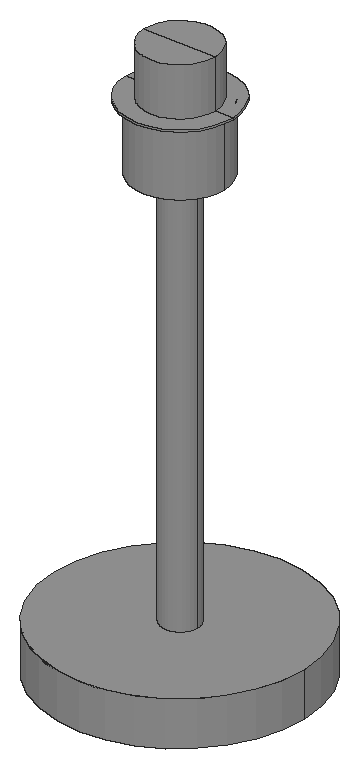
Revit family "Coral Table Lamp", category Lighting Fixtures, Revit 2017
Family settings
  Round Connector Dimension = Use Diameter
  Part Type = Normal
  OmniClass Number = 23.80.70.00
  OmniClass Title = Lighting
  Work Plane-Based = No
  Always vertical = Yes
  Cut with Voids When Loaded = No
  Light Source = Yes
  Shared = No
  Room Calculation Point = No
Parameters
  Wattage Comments = "Max. 60 Watts. 110V(US) / 230-240V(EU). Lamp NOT provided."
  Wattage = 6.7321 W
  built-in parameter 1150110 = 1 (stored number, unit not read)
  URL = "https://www.davidtrubridge.com"
  Type Comments = "Base and lamp NOT supplied, for reference only"
  built-in parameter 1114217 = 1 (stored number, unit not read)
  built-in parameter 1150109 = 1 (stored number, unit not read)
  built-in parameter 1150134 = (empty or 0)
  built-in parameter 1150113 = 1 (stored number, unit not read)
  Stem Height [instance] = 250 mm
  Model = "Coral Table Lamp"
  Manufacturer = "David Trubridge"
  Lumens = 1000 lm
  built-in parameter 1150115 = 1 (stored number, unit not read)
  built-in parameter 1150105 = 79.577 (stored number, unit not read)
  Light Source Symbol Size = 100 mm
  built-in parameter 1150137 = (empty or 0)
  built-in parameter 1150139 = (empty or 0)
  built-in parameter 1150112 = 1 (stored number, unit not read)
  built-in parameter 1150114 = 1 (stored number, unit not read)
  Lamp = "E27 / (E26 USA)"
  built-in parameter 1150132 = 2
  built-in parameter 1150102 = (empty or 0)
  built-in parameter 1150138 = (empty or 0)
  built-in parameter 1150107 = 3000 (stored number, unit not read)
  built-in parameter 1150106 = 0.79577 (stored number, unit not read)
  built-in parameter 1150104 = 13.8 (stored number, unit not read)
  Dimming Lamp Color Temperature Shift = (empty or 0)
  Description = "Lamp shade comes in a large range of colours"
  Color Filter = 16777215
  Base height [instance] = 25 mm
  Base colour [instance] = Plastic, Opaque White
  Base Diameter [instance] = 140 mm
  built-in parameter 1114218 = 1 (stored number, unit not read)
  built-in parameter 1150133 = 10 (stored number, unit not read)
Reference planes
  plane 1 "Light Source Axis (F/B)": y = 0
  plane 2: z = 0
  plane 3 "Light Source Axis (L/R)": x = 0
  plane 4 "Light Source Elevation": z = 380
  plane 5: z = 1400
  plane 6 "Top of shade": z = 580
  plane 7 "Stem height": z = 250
  plane 8 "Base height": z = 25
  plane 9: x = 200
  plane 10: x = -200
Forms (mm)
  Extrusion 1, solid, material "Plastic, Opaque White" <- "Base colour"
    sketch origin (0, 0, 0) x (1, 0, 0) y (0, 1, 0)
      loop
        circle (0, 0) r 10
    from 0 to 250
  Revolve 2, solid, material "Plastic, Opaque White" <- "Base colour"
    sketch origin (0, 0, 0) x (1, 0, 0) y (0, 0, 1)
      loop
        line (0.027, 250) -> (25.027, 250) -> (25.027, 287) -> (30.027, 287) -> (30.027, 288) -> (20.027, 288) -> (20.027, 315) -> (0.027, 315) -> (0.027, 250)
      axis (0.027, 315) -> (0.027, 250)
    angle from 0 to 360
  Revolve 3, solid, material "Plastic, Opaque White" <- "Base colour", not visible
    sketch origin (0, 0, 0) x (1, 0, 0) y (0, 0, 1)
      loop
        line (0.027, 250) -> (25.027, 250) -> (25.027, 287) -> (30.027, 287) -> (30.027, 288) -> (20.027, 288) -> (20.027, 315) -> (0.027, 315) -> (0.027, 250)
      axis (0.027, 315) -> (0.027, 250)
    angle from 0 to 360
  Extrusion 4, solid, material "Plastic, Opaque White" <- "Base colour"
    sketch origin (0, 0, 0) x (1, 0, 0) y (0, 1, 0)
      loop
        circle (0, 0) r 70
    from 0 to 25
Dimensions and locks
  "Stem Height": plane 7 "Stem height" to plane 2
  "Base height": plane 8 "Base height" to plane 2
  locked: plane 4 "Light Source Elevation" to plane 7 "Stem height" at 130
  locked: plane 6 "Top of shade" to plane 7 "Stem height" at 330
  plane 10 to plane 9 = 400 mm
  plane 9 to plane 10 = 400 mm
  "Base Diameter": diameter of Extrusion 4 sketch curve
  aligned and locked: plane 3 "Light Source Axis (L/R)" to imposter light
  aligned and locked: plane 1 "Light Source Axis (F/B)" to imposter light
  aligned and locked: plane 4 "Light Source Elevation" to imposter light
  aligned and locked: level to plane 2
  aligned and locked: plane 7 "Stem height" to Revolve 2
  aligned and locked: Extrusion 1 to plane 7 "Stem height"
  aligned and locked: plane 6 "Top of shade" to import instance
  aligned and locked: plane 8 "Base height" to Extrusion 4
Automatic sketch dimensions
  plane 1 "Light Source Axis (F/B)" to Extrusion 1 sketch curve = 0 mm
  Extrusion 1 sketch curve to plane 3 "Light Source Axis (L/R)" = 0 mm
  plane 1 "Light Source Axis (F/B)" to Extrusion 4 sketch curve = 0 mm
  Extrusion 4 sketch curve to plane 3 "Light Source Axis (L/R)" = 0 mm
  radius of Extrusion 1 sketch curve = 10 mm
Connectors
  electrical at (0, 0, 0)
    settings: index 1, voltage 0 V, apparent load 0 VA, apparent load phase1 0 VA, apparent load phase2 0 VA, apparent load phase3 0 VA, power factor 1, load classification "Other", number of poles 1, system type 31, power factor state 1, is connector primary yes, connector utility no, sub classification motor no, connector description ""
